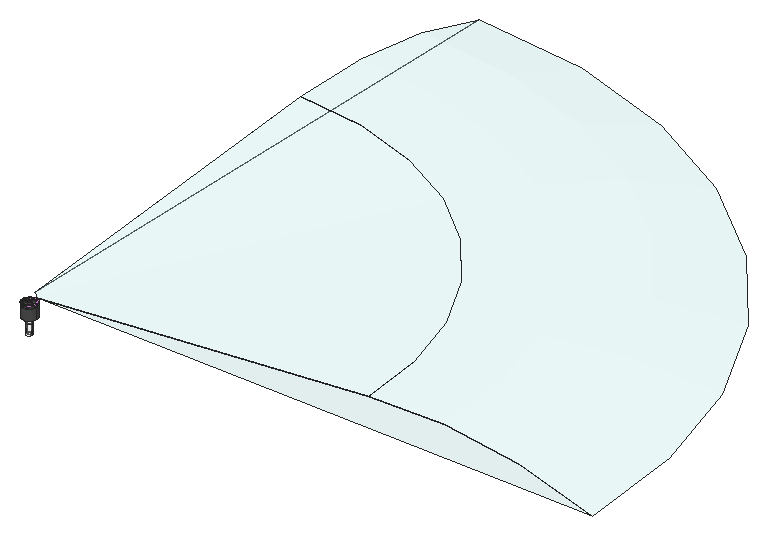
Revit family "MPR Series Nozzles", category Conexões de tubo, Revit 2020
Family settings
  Cota do conector redondo = Utilizar diâmetro
  Tipo de parte = Cobertura
  Número OmniClass = 23.60.30.11.14
  Título OmniClass = Pipework Fittings
  Com base no plano de trabalho = Sim
  Sempre na vertical = Sim
  Corte com vazios quando carregada = Não
  Compartilhado = Não
Parameters (values of type "5 Series MPR")
  Water Visibility (Circle) = yes
  Water = Water
  URL = "https://www.rainbird.com/"
  Type = 5 ft
  SupportProjetos: Reviw Date = "26/03/2021"  # constant formula
  SupportProjetos: Level of Detail = "LOD 300"  # constant formula
  SupportProjetos: Developed = "MICHEL SOARES MOTA"  # constant formula
  SupportProjetos: Creation Date = "16/07/2020"  # constant formula
  Reviw = "R01"  # constant formula
  RainBird: Product Link = "https://store.rainbird.com/sprinklers/nozzles.html?sprays_nozzleseries=102"
  RainBird: Description [instance] = if(and(Type = 5 ft, Limit Angle = 360.00°), "Spray Nozzles  5F Series MPR ", if(and(Type = 5 ft, Limit Angle = 180.00°), "Spray Nozzles 5H Series MPR ", if(and(Type = 5 ft, Limit Angle = 90.00°), "Spray Nozzles 5Q Series MPR ", if(and(Type = 1 ft, Limit Angle = 360.00°), "Spray Nozzles 8F Series MPR ", if(and(Type = 1 ft, Limit Angle = 180.00°), "Spray Nozzles 8H Series MPR ", if(and(Type = 1 ft, Limit Angle = 90.00°), "Spray Nozzles 8Q Series MPR ", if(and(Type = 2 ft, Limit Angle = 360.00°), "Spray Nozzles 10F Series MPR ", if(and(Type = 2 ft, Limit Angle = 180.00°), "Spray Nozzles 10H Series MPR ", if(and(Type = 12 ft, Limit Angle = 90.00°), "Spray Nozzles 10Q Series MPR", if(and(Type = 3 ft, Limit Angle = 360.00°), "Spray Nozzles 12F Series MPR ", if(and(Type = 3 ft, Limit Angle = 180.00°), "Spray Nozzles 12H Series MPR ", if(and(Type = 3 ft, Limit Angle = 90.00°), "Spray Nozzles 12Q Series MPR ", if(and(Type = 4 ft, Limit Angle = 360.00°), "Spray Nozzles 15F Series MPR ", if(and(Type = 4 ft, Limit Angle = 180.00°), "Spray Nozzles 15H Series MPR", if(and(Type = 4 ft, Limit Angle = 90.00°), "Spray Nozzles 15Q Series MPR ", "Does not exis")))))))))))))))  # "Spray Nozzles 5Q Series MPR "
  RainBird: Comment [instance] = ""
  Radius [instance] = if(and(Limit Angle = 360.00°, Pressure = 15.0 psi, Type = 5 ft), 3 ft, if(and(Limit Angle = 360.00°, Pressure = 20.0 psi, Type = 5 ft), 4 ft, if(and(Limit Angle = 360.00°, Pressure = 25.0 psi, Type = 5 ft), 4 ft, if(and(Limit Angle = 360.00°, Pressure = 30.0 psi, Type = 5 ft), 5 ft, if(and(Limit Angle = 180.00°, Pressure = 15.0 psi, Type = 5 ft), 3 ft, if(and(Limit Angle = 180.00°, Pressure = 20.0 psi, Type = 5 ft), 4 ft, if(and(Limit Angle = 180.00°, Pressure = 25.0 psi, Type = 5 ft), 4 ft, if(and(Limit Angle = 180.00°, Pressure = 30.0 psi, Type = 5 ft), 5 ft, if(and(Limit Angle = 90.00°, Pressure = 15.0 psi, Type = 5 ft), 3 ft, if(and(Limit Angle = 90.00°, Pressure = 20.0 psi, Type = 5 ft), 4 ft, if(and(Limit Angle = 90.00°, Pressure = 25.0 psi, Type = 5 ft), 4 ft, if(and(Limit Angle = 90.00°, Pressure = 30.0 psi, Type = 5 ft), 5 ft, if(and(Limit Angle = 360.00°, Pressure = 15.0 psi, Type = 1 ft), 5 ft, if(and(Limit Angle = 360.00°, Pressure = 20.0 psi, Type = 1 ft), 6 ft, if(and(Limit Angle = 360.00°, Pressure = 25.0 psi, Type = 1 ft), 7 ft, if(and(Limit Angle = 360.00°, Pressure = 30.0 psi, Type = 1 ft), 8 ft, if(and(Limit Angle = 180.00°, Pressure = 15.0 psi, Type = 1 ft), 5 ft, if(and(Limit Angle = 180.00°, Pressure = 20.0 psi, Type = 1 ft), 6 ft, if(and(Limit Angle = 180.00°, Pressure = 25.0 psi, Type = 1 ft), 7 ft, if(and(Limit Angle = 180.00°, Pressure = 30.0 psi, Type = 1 ft), 8 ft, if(and(Limit Angle = 90.00°, Pressure = 15.0 psi, Type = 1 ft), 5 ft, if(and(Limit Angle = 90.00°, Pressure = 20.0 psi, Type = 1 ft), 6 ft, if(and(Limit Angle = 90.00°, Pressure = 25.0 psi, Type = 1 ft), 7 ft, if(and(Limit Angle = 90.00°, Pressure = 30.0 psi, Type = 1 ft), 8 ft, if(and(Limit Angle = 360.00°, Pressure = 15.0 psi, Type = 2 ft), 7 ft, if(and(Limit Angle = 360.00°, Pressure = 20.0 psi, Type = 2 ft), 8 ft, if(and(Limit Angle = 360.00°, Pressure = 25.0 psi, Type = 2 ft), 9 ft, if(and(Limit Angle = 360.00°, Pressure = 30.0 psi, Type = 2 ft), 10 ft, if(and(Limit Angle = 180.00°, Pressure = 15.0 psi, Type = 2 ft), 7 ft, if(and(Limit Angle = 180.00°, Pressure = 20.0 psi, Type = 2 ft), 8 ft, if(and(Limit Angle = 180.00°, Pressure = 25.0 psi, Type = 2 ft), 9 ft, if(and(Limit Angle = 180.00°, Pressure = 30.0 psi, Type = 2 ft), 10 ft, if(and(Limit Angle = 90.00°, Pressure = 15.0 psi, Type = 2 ft), 7 ft, if(and(Limit Angle = 90.00°, Pressure = 20.0 psi, Type = 2 ft), 8 ft, if(and(Limit Angle = 90.00°, Pressure = 25.0 psi, Type = 2 ft), 9 ft, if(and(Limit Angle = 90.00°, Pressure = 30.0 psi, Type = 2 ft), 10 ft, if(and(Limit Angle = 360.00°, Pressure = 15.0 psi, Type = 3 ft), 9 ft, if(and(Limit Angle = 360.00°, Pressure = 20.0 psi, Type = 3 ft), 10 ft, if(and(Limit Angle = 360.00°, Pressure = 25.0 psi, Type = 3 ft), 11 ft, if(and(Limit Angle = 360.00°, Pressure = 30.0 psi, Type = 3 ft), 12 ft, if(and(Limit Angle = 180.00°, Pressure = 15.0 psi, Type = 3 ft), 9 ft, if(and(Limit Angle = 180.00°, Pressure = 20.0 psi, Type = 3 ft), 10 ft, if(and(Limit Angle = 180.00°, Pressure = 25.0 psi, Type = 3 ft), 11 ft, if(and(Limit Angle = 180.00°, Pressure = 30.0 psi, Type = 3 ft), 12 ft, if(and(Limit Angle = 90.00°, Pressure = 15.0 psi, Type = 3 ft), 9 ft, if(and(Limit Angle = 90.00°, Pressure = 20.0 psi, Type = 3 ft), 10 ft, if(and(Limit Angle = 90.00°, Pressure = 25.0 psi, Type = 3 ft), 11 ft, if(and(Limit Angle = 90.00°, Pressure = 30.0 psi, Type = 3 ft), 12 ft, if(and(Limit Angle = 360.00°, Pressure = 15.0 psi, Type = 4 ft), 11 ft, if(and(Limit Angle = 360.00°, Pressure = 20.0 psi, Type = 4 ft), 12 ft, if(and(Limit Angle = 360.00°, Pressure = 25.0 psi, Type = 4 ft), 14 ft, if(and(Limit Angle = 360.00°, Pressure = 30.0 psi, Type = 4 ft), 15 ft, if(and(Limit Angle = 180.00°, Pressure = 15.0 psi, Type = 4 ft), 11 ft, if(and(Limit Angle = 180.00°, Pressure = 20.0 psi, Type = 4 ft), 12 ft, if(and(Limit Angle = 180.00°, Pressure = 25.0 psi, Type = 4 ft), 14 ft, if(and(Limit Angle = 180.00°, Pressure = 30.0 psi, Type = 4 ft), 15 ft, if(and(Limit Angle = 90.00°, Pressure = 15.0 psi, Type = 4 ft), 11 ft, if(and(Limit Angle = 90.00°, Pressure = 20.0 psi, Type = 4 ft), 12 ft, if(and(Limit Angle = 90.00°, Pressure = 25.0 psi, Type = 4 ft), 14 ft, if(and(Limit Angle = 90.00°, Pressure = 30.0 psi, Type = 4 ft), 15 ft, 20 ft))))))))))))))))))))))))))))))))))))))))))))))))))))))))))))  # 3 ft
  R2 [instance] = 0.032808 ft
  R1 [instance] = 0.026247 ft
  Pressure [instance] = 15 psi
  Plastic 2 = Black Plastic
  Plastic 1 = Purple Plastic
  PCS - 090 [instance] = no
  PCS - 060 [instance] = no
  PCS - 040 [instance] = no
  PCS - 030 [instance] = no
  PCS - 025 [instance] = no
  PCS - 020 [instance] = yes
  Modelo = "5 MPR"
  Metal = PARAFUSO
  H2 = 1.312 ft  # constant formula
  H1 [instance] = 0.049213 ft
  Flow [instance] = if(and(Limit Angle = 360.00°, Pressure = 15.0 psi, Type = 5 ft), 0.29 GPM, if(and(Limit Angle = 360.00°, Pressure = 20.0 psi, Type = 5 ft), 0.33 GPM, if(and(Limit Angle = 360.00°, Pressure = 25.0 psi, Type = 5 ft), 0.37 GPM, if(and(Limit Angle = 360.00°, Pressure = 30.0 psi, Type = 5 ft), 0.41 GPM, if(and(Limit Angle = 180.00°, Pressure = 15.0 psi, Type = 5 ft), 0.14 GPM, if(and(Limit Angle = 180.00°, Pressure = 20.0 psi, Type = 5 ft), 0.16 GPM, if(and(Limit Angle = 180.00°, Pressure = 25.0 psi, Type = 5 ft), 0.18 GPM, if(and(Limit Angle = 180.00°, Pressure = 30.0 psi, Type = 5 ft), 0.2 GPM, if(and(Limit Angle = 90.00°, Pressure = 15.0 psi, Type = 5 ft), 0.07 GPM, if(and(Limit Angle = 90.00°, Pressure = 20.0 psi, Type = 5 ft), 0.08 GPM, if(and(Limit Angle = 90.00°, Pressure = 25.0 psi, Type = 5 ft), 0.09 GPM, if(and(Limit Angle = 90.00°, Pressure = 30.0 psi, Type = 5 ft), 0.1 GPM, if(and(Limit Angle = 360.00°, Pressure = 15.0 psi, Type = 1 ft), 0.74 GPM, if(and(Limit Angle = 360.00°, Pressure = 20.0 psi, Type = 1 ft), 0.86 GPM, if(and(Limit Angle = 360.00°, Pressure = 25.0 psi, Type = 1 ft), 0.96 GPM, if(and(Limit Angle = 360.00°, Pressure = 30.0 psi, Type = 1 ft), 1.05 GPM, if(and(Limit Angle = 180.00°, Pressure = 15.0 psi, Type = 1 ft), 0.37 GPM, if(and(Limit Angle = 180.00°, Pressure = 20.0 psi, Type = 1 ft), 0.42 GPM, if(and(Limit Angle = 180.00°, Pressure = 25.0 psi, Type = 1 ft), 0.47 GPM, if(and(Limit Angle = 180.00°, Pressure = 30.0 psi, Type = 1 ft), 0.52 GPM, if(and(Limit Angle = 90.00°, Pressure = 15.0 psi, Type = 1 ft), 0.18 GPM, if(and(Limit Angle = 90.00°, Pressure = 20.0 psi, Type = 1 ft), 0.18 GPM, if(and(Limit Angle = 90.00°, Pressure = 25.0 psi, Type = 1 ft), 0.21 GPM, if(and(Limit Angle = 90.00°, Pressure = 30.0 psi, Type = 1 ft), 0.26 GPM, if(and(Limit Angle = 360.00°, Pressure = 15.0 psi, Type = 2 ft), 1.16 GPM, if(and(Limit Angle = 360.00°, Pressure = 20.0 psi, Type = 2 ft), 1.34 GPM, if(and(Limit Angle = 360.00°, Pressure = 25.0 psi, Type = 2 ft), 1.5 GPM, if(and(Limit Angle = 360.00°, Pressure = 30.0 psi, Type = 2 ft), 1.64 GPM, if(and(Limit Angle = 180.00°, Pressure = 15.0 psi, Type = 2 ft), 0.58 GPM, if(and(Limit Angle = 180.00°, Pressure = 20.0 psi, Type = 2 ft), 0.67 GPM, if(and(Limit Angle = 180.00°, Pressure = 25.0 psi, Type = 2 ft), 0.75 GPM, if(and(Limit Angle = 180.00°, Pressure = 30.0 psi, Type = 2 ft), 0.82 GPM, if(and(Limit Angle = 90.00°, Pressure = 15.0 psi, Type = 2 ft), 0.29 GPM, if(and(Limit Angle = 90.00°, Pressure = 20.0 psi, Type = 2 ft), 0.33 GPM, if(and(Limit Angle = 90.00°, Pressure = 25.0 psi, Type = 2 ft), 0.37 GPM, if(and(Limit Angle = 90.00°, Pressure = 30.0 psi, Type = 2 ft), 0.41 GPM, if(and(Limit Angle = 360.00°, Pressure = 15.0 psi, Type = 3 ft), 1.8 GPM, if(and(Limit Angle = 360.00°, Pressure = 20.0 psi, Type = 3 ft), 2.1 GPM, if(and(Limit Angle = 360.00°, Pressure = 25.0 psi, Type = 3 ft), 2.4 GPM, if(and(Limit Angle = 360.00°, Pressure = 30.0 psi, Type = 3 ft), 2.6 GPM, if(and(Limit Angle = 180.00°, Pressure = 15.0 psi, Type = 3 ft), 0.9 GPM, if(and(Limit Angle = 180.00°, Pressure = 20.0 psi, Type = 3 ft), 1.05 GPM, if(and(Limit Angle = 180.00°, Pressure = 25.0 psi, Type = 3 ft), 1.2 GPM, if(and(Limit Angle = 180.00°, Pressure = 30.0 psi, Type = 3 ft), 1.3 GPM, if(and(Limit Angle = 90.00°, Pressure = 15.0 psi, Type = 3 ft), 0.45 GPM, if(and(Limit Angle = 90.00°, Pressure = 20.0 psi, Type = 3 ft), 0.53 GPM, if(and(Limit Angle = 90.00°, Pressure = 25.0 psi, Type = 3 ft), 0.6 GPM, if(and(Limit Angle = 90.00°, Pressure = 30.0 psi, Type = 3 ft), 0.65 GPM, if(and(Limit Angle = 360.00°, Pressure = 15.0 psi, Type = 4 ft), 2.6 GPM, if(and(Limit Angle = 360.00°, Pressure = 20.0 psi, Type = 4 ft), 3.0 GPM, if(and(Limit Angle = 360.00°, Pressure = 25.0 psi, Type = 4 ft), 3.3 GPM, if(and(Limit Angle = 360.00°, Pressure = 30.0 psi, Type = 4 ft), 3.7 GPM, if(and(Limit Angle = 180.00°, Pressure = 15.0 psi, Type = 4 ft), 1.3 GPM, if(and(Limit Angle = 180.00°, Pressure = 20.0 psi, Type = 4 ft), 1.5 GPM, if(and(Limit Angle = 180.00°, Pressure = 25.0 psi, Type = 4 ft), 1.65 GPM, if(and(Limit Angle = 180.00°, Pressure = 30.0 psi, Type = 4 ft), 1.85 GPM, if(and(Limit Angle = 90.00°, Pressure = 15.0 psi, Type = 4 ft), 0.65 GPM, if(and(Limit Angle = 90.00°, Pressure = 20.0 psi, Type = 4 ft), 0.75 GPM, if(and(Limit Angle = 90.00°, Pressure = 25.0 psi, Type = 4 ft), 0.82 GPM, if(and(Limit Angle = 90.00°, Pressure = 30.0 psi, Type = 4 ft), 0.92 GPM, 0.0 GPM))))))))))))))))))))))))))))))))))))))))))))))))))))))))))))  # 0.07 GPM
  Default Elevation = 4 ft
  Description = "Spray Nozzles MPR Series "  # constant formula
  DT8 [instance] = if(Limit Angle < 360.00°, 0.098425 ft, 6.56168 ft)  # 0.098425 ft
  DT7 [instance] = 4 * Radius  # 12 ft
  DT4 [instance] = 5 * Radius  # 15 ft
  DT3 [instance] = 0.3397 * Radius  # 1.0191 ft
  DT2 = 0.098425 ft  # constant formula
  DT13 = 0.049769 ft
  DT12 = 0.070216 ft
  DT1 = 0.032808 ft
  DT6 = 0 ft
  DT5 [instance] = 0.6 * Radius  # 1.8 ft
  Blue Plastic = Transparent Plastic
  Limit Angle [instance] = if(and(Arc Angle > 0.00°, Arc Angle < 90.00°), 90.00°, if(Arc Angle = 90.00°, 90.00°, if(and(Arc Angle > 90.00°, Arc Angle < 180.00°), 180.00°, if(Arc Angle = 180.00°, 180.00°, if(and(Arc Angle > 180.00°, Arc Angle < 360.00°), 360.00°, if(Arc Angle = 360.00°, 360.00°, 0.00°))))))  # 90.00°
  Arc Angle [instance] = 90.00°
  Angle 2 [instance] = if(Limit Angle < 360.00°, 360.00° - Limit Angle, 180.00°)  # 270.00°
  Angle = 5.00°
Types (5, lengths in ft): name | URL | Type | RainBird: Description | Radius | Plastic 1 | Modelo | Flow | DT7 | DT4 | DT3 | DT5 | Blue Plastic | Angle
  8 Series MPR | "https://www.rainbird.com/" | 1 | "Spray Nozzles 8Q Series MPR " | 5 | Green | "8 MPR" | 0.18 GPM | 20 | 25 | 1.6985 | 3 | Transparent Plastic | 10.00°
  10 Series MPR | "https://www.rainbird.com/" | 2 | "Does not exis" | 7 | Blue Plastic | "10 MPR" | 0.29 GPM | 28 | 35 | 2.3779 | 4.2 | Blue Plastic | 15.00°
  12 Series MPR | "https://www.rainbird.com/" | 3 | "Spray Nozzles 12Q Series MPR " | 9 | Brown | "12 MPR" | 0.45 GPM | 36 | 45 | 3.0573 | 5.4 | Transparent Plastic | 30.00°
  15 Series MPR | 0 | 4 | "Spray Nozzles 15Q Series MPR " | 11 | Black | "15 MPR" | 0.65 GPM | 44 | 55 | 3.7367 | 6.6 | Transparent Plastic | 30.00°
  5 Series MPR | "https://www.rainbird.com/" | 5 | "Spray Nozzles 5Q Series MPR " | 3 | Purple Plastic | "5 MPR" | 0.07 GPM | 12 | 15 | 1.0191 | 1.8 | Transparent Plastic | 5.00°
Reference planes (ft)
  plane 1 "Centro (Frente/Trás)": y = 0
  plane 2: z = 0
  plane 3 "Centro (Esquerda/Direita)": x = 0
Forms (ft)
  Revolve 1, solid, material "Water" <- "Water", visible <- "Water Visibility (Circle)"
    sketch origin (0, 0, 0) x (1, 0, 0) y (0, 0, 1)
      loop
        line (0.032808, 0.098425) -> (3.032808, 0.098425)
        arc (3.032808, 0.098425) -> (2.437909, 0.242453) -> (1.825959, 0.255306) r 2.832281
        line (1.825959, 0.255306) -> (0.032808, 0.098425)
      axis (0, 0.098425) -> (0, 0.255306)
    angle from 0 to 90 <- "Arc Angle"
Dimensions and locks (ft)
  "DT1": Revolve 1 sketch curve to plane 3 "Centro (Esquerda/Direita)"
  "DT2": Revolve 1 sketch curve to level
  "Radius": Revolve 1 sketch curve to Revolve 1 sketch curve
  "DT5": Revolve 1 sketch curve to Revolve 1 sketch curve
  "Angle": angle Revolve 1 sketch curve to Revolve 1 sketch curve
  aligned and locked: level to plane 2
Automatic sketch dimensions
  Revolve 1 sketch curve to plane 3 "Centro (Esquerda/Direita)" = 0 ft
  Revolve 1 sketch curve to Revolve 1 sketch curve = 0.052946 ft
  Revolve 1 sketch curve to Revolve 1 sketch curve = 9.235207 ft
Nested families (ft)
  nested 1: "R VAN PCS Screen" at (0, 0, 0), Material <- "Blue Plastic", PCS.020 <- "PCS - 020", PCS.025 <- "PCS - 025", PCS.030 <- "PCS - 030", PCS.040 <- "PCS - 040", PCS.060 <- "PCS - 060", PCS.090 <- "PCS - 090", type "R VAN PCS Screen"
    with RainBird: Description "PCS - 020", PCS.090 no, PCS.060 no, PCS.040 no, PCS.030 no, PCS.025 no, PCS.020 yes, Material Transparent Plastic
  nested 2: "BOCAL U" at (0, 0, 0), Material 2 <- "Plastic 2", Material 1 <- "Plastic 1", Matreral 3 <- "Metal", type "BOCAL U"
    with Matreral 3 PARAFUSO, Material 2 Black Plastic, Material 1 Purple Plastic
Connectors (ft)
  piping at (0, 0, 0), diameter 2
    settings: on nested 1, index 1, connector inside diameter 609.6 mm, connector length 0 ft, flow factor 0, pipe flow 0.0 GPM, pressure drop 0 psi, fitting loss kfactor 0, connector angle 0.00°, fixture units 0, engagement length 0 ft, angle of deflection 0.00°, flow configuration 0, flow direction 0, fitting loss method 0, system type 28, joint type 0, gender type 0, connector reference index -1, connector utility 0, adjustable connector no, is connector primary yes, connector description ""
Definition of nested family "R VAN PCS Screen"
  Parameters (values of type "R VAN PCS Screen")
    RainBird: Description [instance] = if(PCS.020, "PCS - 020", if(PCS.025, "PCS - 025", if(PCS.030, "PCS - 030", if(PCS.040, "PCS - 040", if(PCS.060, "PCS - 060", if(PCS.090, "PCS - 090", "Does not exist"))))))  # "PCS - 020"
    PCS.090 [instance] = no
    PCS.060 [instance] = no
    PCS.040 [instance] = no
    PCS.030 [instance] = no
    PCS.020 [instance] = yes
    PCS.025 [instance] = no
    Material [instance] = none
    Default Elevation = 0 ft
  Reference planes (ft)
    plane 1 "Centro (Frente/Trás)": y = 0
    plane 2: z = 0
    plane 3 "Centro (Esquerda/Direita)": x = 0
  Forms (ft)
    Revolve 1, solid, material <- "Material"
      sketch origin (0, 0, 0) x (1, 0, 0) y (0, 0, 1)
        loop
          line (0, -0.088229) -> (0.016404, -0.088229) -> (0.016404, -0.03138) -> (0.022015, -0.015965) -> (0.022015, -0.006562) -> (0.026522, -0.006562) -> (0.026522, 0) -> (0.015453, 0) -> (0.015453, -0.014808) -> (0.009843, -0.030223) -> (0.009843, -0.081723) -> (0, -0.081723) -> (0, -0.088229)
        axis (0, -0.088229) -> (0, 0)
      angle from 0 to 360
  Dimensions and locks (ft)
    level to Revolve 1 sketch curve = 0.088229 ft
    aligned and locked: level to plane 2
Definition of nested family "BOCAL U"
  Parameters (values of type "BOCAL U")
    Matreral 3 [instance] = none
    Material 2 [instance] = none
    Material 1 [instance] = none
    Default Elevation = 0 ft
  Reference planes (ft)
    plane 1 "Centro (Frente/Trás)": y = 0
    plane 2: z = 0
    plane 3 "Centro (Esquerda/Direita)": x = 0
  Forms (ft)
    Extrusion 1, solid, material <- "Material 2"
      sketch origin (0, 0, 0) x (1, 0, 0) y (0, 1, 0)
        loop
          line (-0.03118, -0.001271) -> (-0.008961, -0.001271)
          arc (-0.008961, -0.001271) -> (-0.009051, 0.000025) -> (-0.008954, 0.00132) r 0.009051
          line (-0.008954, 0.00132) -> (-0.031114, 0.00132)
          arc (-0.031114, 0.00132) -> (-0.031171, 0.000025) -> (-0.03118, -0.001271) r 0.035662
        loop
          arc (0.030801, -0.001271) -> (0.030856, 0.000024) -> (0.030865, 0.00132) r 0.035662
          line (0.030865, 0.00132) -> (0.008954, 0.00132)
          arc (0.008954, 0.00132) -> (0.009051, 0.000025) -> (0.008961, -0.001271) r 0.009051
          line (0.008961, -0.001271) -> (0.030801, -0.001271)
      from 0.038472 to 0.069223
    Extrusion 2, solid, material <- "Matreral 3"
      sketch origin (0, 0, 0) x (1, 0, 0) y (0, 1, 0)
        loop
          circle (0, 0) r 0.005499
      from 0.045527 to 0.069223
    Extrusion 3, solid, material <- "Matreral 3"
      sketch origin (0, 0, 0) x (1, 0, 0) y (0, 1, 0)
        loop
          arc (-0.000633, 0.005462) -> (-0.005499, 0) -> (-0.000633, -0.005462) r 0.005499
          line (-0.000633, -0.005462) -> (-0.000633, 0.005462)
        loop
          line (0.000633, 0.005462) -> (0.000633, -0.005462)
          arc (0.000633, -0.005462) -> (0.005499, 0) -> (0.000633, 0.005462) r 0.005499
      from 0.06414 to 0.070693
    Revolve 4, solid, material <- "Material 2"
      sketch origin (0, 0, 0) x (1, 0, 0) y (0, 0, 1)
        loop
          line (0.005759, 0.069223) -> (0.005759, 0.023442) -> (0.02249, 0.023442) -> (0.02249, 0) -> (0.038894, 0) -> (0.038894, 0.053848) -> (0.030801, 0.053848) -> (0.030801, 0.060361) -> (0.038894, 0.060361) -> (0.038894, 0.069223) -> (0.030865, 0.069223) -> (0.030865, 0.065245) -> (0.008961, 0.065245) -> (0.008961, 0.069223) -> (0.005759, 0.069223)
        axis (0, 0) -> (0, 0.069223)
      angle from 0 to 360
    Extrusion 5, solid, material <- "Material 1"
      sketch origin (0, 0, 0) x (1, 0, 0) y (0, 1, 0)
        loop
          circle (0, 0) r 0.038894
        loop
          circle (0, 0) r 0.030865
      from 0.069223 to 0.070693
  Cuts and joins
    joined: Extrusion 2, Extrusion 3
  Dimensions and locks (ft)
    aligned and locked: level to plane 2
